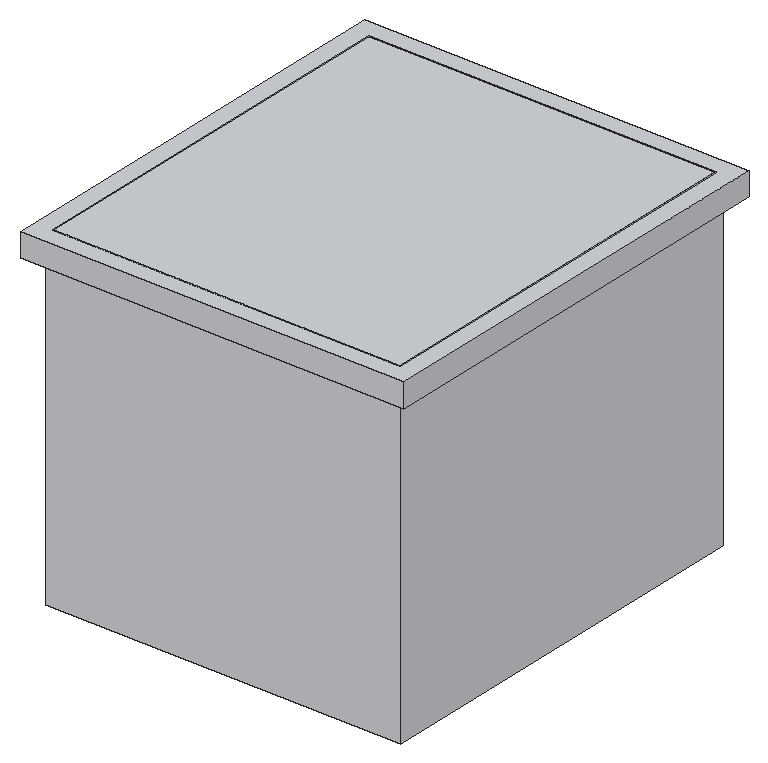
Revit family "Building-Conduits-GEWISS-PU-ACCESS-CHAMBER-THERMOPLASTIC_RECTANGULAR", category Attrezzatura elettrica, host Superficie, Revit 2016
Family settings
  Host = Superficie
  Configurazione quadro = Due colonne, circuiti in orizzontale
  Tipo di parte = Pannello comandi
  Quota connettore circolare = Usa diametro
  Numero OmniClass = 23.80.30.00
  Titolo OmniClass = Distribution Devices
  Taglio con vuoti quando caricato = No
  Condiviso = No
  Punto di calcolo locali = Sì
Parameters (values of type "DX59502 - 360X260 PED. ACC. CHAMBER WITHOUT LID")
  Version file RFA = "18.0"
  URL = "https://www.gewiss.com/ww/en"
  Technical sheet = "https://www.gewiss.com/ww/en/search?q=DX59502"
  Simbolo acceso = yes
  SEO = "Well"
  Realized by GEWISS S.p.A. = ""
  Default Elevation = 1219.2 mm
  Produttore = "GEWISS S.p.A."
  Pozzetto [instance] = yes
  Modello = "DX59502"
  Lunghezza pozzetto = 320 mm  # constant formula
  Larghezza_pozzetto = 360 mm  # constant formula
  Incasso pozzetto = 260 mm  # constant formula
  Immagine tipo = DX59502.jpg
  IFC.TypeObject = ""
  IFC.ExportType = ""
  IFC.ExportAs = ""
  IDT = "1b3f409b-8429-4d78-a2a3-a79cd94aa848"
  IDF = "5407318c-598f-4a9e-9dce-3dfd805534ef"
  Finitura pozzetto = none
  Electrocod = "210"
  EAN code = "8018678027948"
  Dimensions (mm) = "360x260x320 mm"
  Dimension = "360x260x320 mm"
  Descrizione = "360X260 PED. ACC. CHAMBER WITHOUT LID"
  Colour = "Grey"
  Characteristics = "Flat semi-pierced base for boosting"
  Catalogue Range = "PU"
  Catalogue = "BUILDING"
  COBie.Tagnumber = ""
  COBie.CreatedOn = ""
  COBie.CreatebBy = ""
  COBie.ComponentRegisterItemID = ""
  COBie.Component.TagNumber = ""
  COBie.Component.Space = ""
  COBie.Component.SerialNumber = ""
  COBie.Component.InstallationDate = ""
  COBie.Component.Description = ""
  COBie.Component.BarCode = ""
  Bordo acceso = yes
  Accessories supplied = "4 stainless steel screws"
Types (3, lengths in mm): name | URL | Technical sheet | Produttore | Modello | Immagine tipo | IDT | EAN code | Descrizione | Characteristics | Accessories supplied
  (no name) | 0 | "" | 0 | 0 | DX59501.jpg | "" | "" | 0 | "" | ""
  DX59501 - 360X260 H.R. ACC. CHAMBER - 360X260X320 | "https://www.gewiss.com/ww/en" | "https://www.gewiss.com/ww/en/search?q=DX59501" | "GEWISS S.p.A." | "DX59501" | DX59501.jpg | "18d06c67-66f9-4f5a-af25-ea0f64f7afe1" | "8018678027924" | "360X260 H.R. ACC. CHAMBER - 360X260X320" | "Flat semi-pierced base" | "Cover high resistance and 4 S/Steel screws"
  DX59502 - 360X260 PED. ACC. CHAMBER WITHOUT LID | "https://www.gewiss.com/ww/en" | "https://www.gewiss.com/ww/en/search?q=DX59502" | "GEWISS S.p.A." | "DX59502" | DX59502.jpg | "1b3f409b-8429-4d78-a2a3-a79cd94aa848" | "8018678027948" | "360X260 PED. ACC. CHAMBER WITHOUT LID" | "Flat semi-pierced base for boosting" | "4 stainless steel screws"
Values of the unnamed type that differ from the named types
  Version file RFA = ""
  SEO = ""
  IDF = ""
  Electrocod = ""
  Dimensions (mm) = ""
  Dimension = ""
  Colour = ""
  Catalogue Range = ""
  Catalogue = ""
Reference planes
  plane 1 "Centro (Fronte/Retro)": y = 0
  plane 2: z = 0
  plane 3 "Centro (Sinistra/Destra)": x = 0
  plane 4: x = -160
  plane 5: y = -180
  plane 6: x = 160
  plane 7: y = 180
  plane 8: x = -145
  plane 9: y = 165
  plane 10: x = 145
  plane 11: y = -165
  plane 12: z = 20
  plane 13: z = -260
  plane 14: x = -148
  plane 15: y = -168
  plane 16: x = 148
  plane 17: y = 168
  plane 18: z = -257
Forms (mm)
  Extrusion 1, solid, material <- "Finitura pozzetto", visible <- "Pozzetto"
    sketch origin (0, 0, 0) x (1, 0, 0) y (0, 1, 0)
      loop
        line (-160, 180) -> (-160, -180) -> (160, -180) -> (160, 180) -> (-160, 180)
      loop
        line (-145, 165) -> (-145, -165) -> (145, -165) -> (145, 165) -> (-145, 165)
    from 0 to 20
  Extrusion 2, void
    sketch origin (0, 0, 0) x (1, 0, 0) y (0, 1, 0)
      loop
        line (-148, 168) -> (-148, -168) -> (148, -168) -> (148, 168) -> (-148, 168)
    from -260 to 0
  Extrusion 3, solid, visible <- "Pozzetto"
    sketch origin (0, 0, 0) x (1, 0, 0) y (0, 1, 0)
      loop
        line (-148, 168) -> (-148, -168) -> (148, -168) -> (148, 168) -> (-148, 168)
      loop
        line (-145, 165) -> (-145, -165) -> (145, -165) -> (145, 165) -> (-145, 165)
    from -260 to 0
  Extrusion 4, solid, visible <- "Pozzetto"
    sketch origin (0, 0, 0) x (1, 0, 0) y (0, 1, 0)
      loop
        line (-148, 168) -> (-148, -168) -> (148, -168) -> (148, 168) -> (-148, 168)
    from -260 to -257
  Extrusion 5, solid, material <- "Finitura pozzetto", visible <- "Pozzetto"
    sketch origin (0, 0, 0) x (1, 0, 0) y (0, 1, 0)
      loop
        line (-145, 165) -> (-145, -165) -> (145, -165) -> (145, 165) -> (-145, 165)
    from 0 to 20
Cuts and joins
  Extrusion 2 cuts Extrusion 1
  joined: Extrusion 3, Extrusion 4
Dimensions and locks
  equal spacing: plane 7, plane 1 "Centro (Fronte/Retro)", plane 5
  "Larghezza_pozzetto": plane 7 to plane 5
  equal spacing: plane 4, plane 3 "Centro (Sinistra/Destra)", plane 6
  "Lunghezza pozzetto": plane 4 to plane 6
  locked: plane 4 to plane 8 at 15
  locked: plane 7 to plane 9 at 15
  locked: plane 11 to plane 5 at 15
  locked: plane 10 to plane 6 at 15
  plane 12 to host face = 20 mm
  "Incasso pozzetto": host face to plane 13
  locked: plane 17 to plane 9 at 3
  locked: plane 10 to plane 16 at 3
  locked: plane 14 to plane 8 at 3
  locked: plane 11 to plane 15 at 3
  locked: plane 18 to plane 13 at 3
  aligned and locked: plane 2 to host face
  aligned and locked: level to host face
  aligned and locked: Extrusion 1 sketch curve to plane 7
  aligned and locked: plane 4 to Extrusion 1 sketch curve
  aligned and locked: Extrusion 1 sketch curve to plane 5
  aligned and locked: Extrusion 1 sketch curve to plane 6
  aligned and locked: Extrusion 1 sketch curve to plane 9
  aligned and locked: plane 8 to Extrusion 1 sketch curve
  aligned and locked: Extrusion 1 sketch curve to plane 11
  aligned and locked: Extrusion 1 sketch curve to plane 10
  aligned and locked: Extrusion 1 to host face
  aligned and locked: plane 12 to Extrusion 1
  aligned and locked: Extrusion 2 to plane 13
  aligned and locked: host face to Extrusion 2
  aligned and locked: Extrusion 2 sketch curve to plane 17
  aligned and locked: plane 14 to Extrusion 2 sketch curve
  aligned and locked: Extrusion 2 sketch curve to plane 15
  aligned and locked: Extrusion 2 sketch curve to plane 16
  aligned and locked: plane 14 to Extrusion 3 sketch curve
  aligned and locked: plane 8 to Extrusion 3 sketch curve
  aligned and locked: Extrusion 3 sketch curve to plane 15
  aligned and locked: Extrusion 3 sketch curve to plane 11
  aligned and locked: Extrusion 3 sketch curve to plane 16
  aligned and locked: Extrusion 3 sketch curve to plane 10
  aligned and locked: Extrusion 3 sketch curve to plane 17
  aligned and locked: Extrusion 3 sketch curve to plane 9
  aligned and locked: Extrusion 3 to plane 13
  aligned and locked: level to Extrusion 3
  aligned and locked: Extrusion 4 sketch curve to Extrusion 3  (x4)
  aligned and locked: Extrusion 4 to plane 13
  aligned and locked: plane 18 to Extrusion 4
  aligned and locked: Extrusion 5 sketch curve to plane 10
  aligned and locked: Extrusion 5 sketch curve to plane 9
  aligned and locked: plane 8 to Extrusion 5 sketch curve
  aligned and locked: Extrusion 5 sketch curve to plane 11
  aligned and locked: Extrusion 5 to level
  aligned and locked: plane 12 to Extrusion 5
Automatic sketch dimensions
  host sketch curve to host sketch curve = 2438.4 mm  (x2)
Nested families
  nested 1: "POZZETTO_BASE" at (0, -111.551, 0), type "POZZETTO"
    with SIMBOLO ACCESO yes, BORDO ACCESO yes
Connectors
  electrical at (0, 0, 20)
    settings: on cut or joined group of Extrusion 1, Extrusion 2, index 2, voltage 0 V, apparent load 0 VA, apparent load phase1 0 VA, apparent load phase2 0 VA, apparent load phase3 0 VA, power factor 1, load classification "Altro", number of poles 1, system type 31, power factor state 1, is connector primary yes, connector utility no, sub classification motor no, connector description ""
Definition of nested family "POZZETTO_BASE"
  Parameters (values of type "POZZETTO")
    SIMBOLO ACCESO [instance] = yes
    Distanza dal muro = 4.208 mm
    BORDO ACCESO [instance] = yes
  Reference planes
    plane 1: y = 0
    plane 2: x = 0
  Lines and regions (mm)
    Masking region 1
      outline origin (0, 0, 0) x (1, 0, 0) y (0, 1, 0)
        loop
          line (-3.619, 4.524) -> (-3.619, 0) -> (3.619, 0) -> (3.619, 4.524) -> (-3.619, 4.524)
    detail lines, visible <- "BORDO ACCESO"
      curve 1: line (-3.619, 4.524, 0) -> (3.619, 4.524, 0)
      curve 2: line (3.619, 4.524, 0) -> (3.619, 0, 0)
      curve 3: line (3.619, 0, 0) -> (-3.619, 0, 0)
      curve 4: line (-3.619, 0, 0) -> (-3.619, 4.524, 0)
      curve 5: line (-3.438, 4.343, 0) -> (3.438, 4.343, 0)
      curve 6: line (3.438, 4.343, 0) -> (3.438, 0.181, 0)
      curve 7: line (3.438, 0.181, 0) -> (-3.438, 0.181, 0)
      curve 8: line (-3.438, 0.181, 0) -> (-3.438, 4.343, 0)
    detail lines, visible <- "BORDO ACCESO", not visible
      curve 9: line (-2.443, 10.208, 0) -> (2.057, 10.208, 0)
      curve 10: line (2.057, 10.208, 0) -> (2.057, 4.208, 0)
      curve 11: line (2.057, 4.208, 0) -> (-2.443, 4.208, 0)
      curve 12: line (-2.443, 4.208, 0) -> (-2.443, 10.208, 0)
      curve 13: line (-2.043, 9.808, 0) -> (1.657, 9.808, 0)
      curve 14: line (1.657, 9.808, 0) -> (1.657, 4.608, 0)
      curve 15: line (1.657, 4.608, 0) -> (-2.043, 4.608, 0)
      curve 16: line (-2.043, 4.608, 0) -> (-2.043, 9.808, 0)
    detail lines, visible <- "SIMBOLO ACCESO"
      curve 17: line (1.442, 3.681, 0) -> (-1.442, 3.681, 0)
      curve 18: line (-1.442, 3.681, 0) -> (-1.442, 0.796, 0)
      curve 19: line (-1.442, 0.796, 0) -> (1.442, 0.796, 0)
      curve 20: line (1.442, 0.796, 0) -> (1.442, 3.681, 0)
      curve 21: line (-0.935, 1.304, 0) -> (0.935, 3.173, 0)
      curve 22: line (0.935, 3.173, 0) -> (-0.935, 3.173, 0)
      curve 23: line (-0.935, 3.173, 0) -> (-0.935, 1.304, 0)
      curve 24: line (-0.935, 1.304, 0) -> (0.935, 1.304, 0)
      curve 25: line (0.935, 1.304, 0) -> (0.935, 3.173, 0)
      curve 26: line (-0.935, 3.173, 0) -> (0.935, 1.304, 0)
  Dimensions and locks
    aligned and locked: Masking region 1 sketch curve to curve 1
    aligned and locked: Masking region 1 sketch curve to curve 4
    aligned and locked: Masking region 1 sketch curve to curve 3
    aligned and locked: Masking region 1 sketch curve to curve 2
